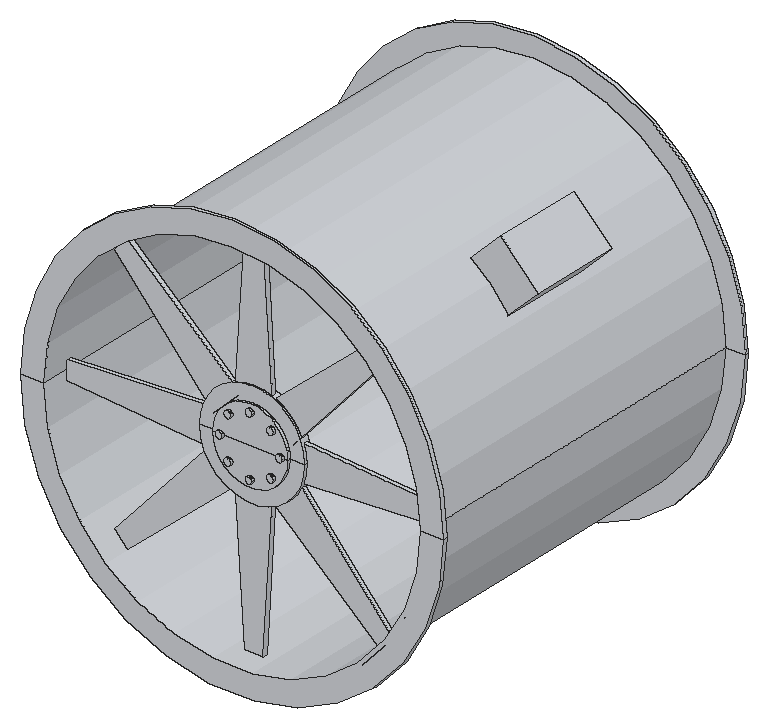
Revit family "CADS_Vent-Axia_MechEquip_Fan_LCA_560_3Ph2P - SUPPLY", category Mechanical Equipment, Revit 2020
Family settings
  Round Connector Dimension = Use Diameter
  Part Type = Normal
  OmniClass Number = 23.75.00.00
  OmniClass Title = Climate Control (HVAC)
  Work Plane-Based = No
  Always vertical = Yes
  Cut with Voids When Loaded = No
  Shared = No
  Room Calculation Point = No
Parameters (values of type "LCA563210")
  nr = NominalDiameter / 2  # 280 mm
  WorkingPressure = 0.0 Pa
  WarrantyStartDate [instance] = "1900-12-31T23:59:59"
  WarrantyPeriod = ""
  WarrantyIdentifier = "N/A"
  WarrantyGuarantorParts = "tech@vent-axia.com"
  WarrantyGuarantorLabor = "tech@vent-axia.com"
  WarrantyGuarantor = "Vent-Axia Limited"
  WarrantyEndDate [instance] = "1900-12-31T23:59:59"
  WarrantyContent = ""
  TemperatureRange = ""
  TagNumber [instance] = "N/A"
  SustainabilityPerformance = ""
  Status = "New"
  Size = ""
  Shape = ""
  ServiceLifeType = ""
  ServiceLifeDuration = ""
  SerialNumber [instance] = "N/A"
  ReplacementCost = ""
  RatedVoltage = 0 V
  RatedCurrent = 0 A
  Quantity = 1
  ProductionYear = ""
  PressureCurve = ""
  PowerFactor = ""
  PointOfContact = ""
  NumberOfPoles = 0
  NominalWidth = 560 mm
  NominalLength = 565 mm
  NominalHeight = 560 mm
  NominalFrequencyRange = ""
  NominalDiameter = 560 mm
  ModelReference = "LCAX 560mm 3PH 2P 10DEG"
  ModelNumber = "LCA563210"
  Material = ""
  ManufacturerE-Mail = "tech@vent-axia.com"
  ManufacturerAddress = "Fleming Way\nCrawley \nRH10 9YX"
  IsExtendedWarranty = no
  InsulationStandardClass = ""
  InstallationDate [instance] = "1900-12-31T23:59:59"
  IfcExportType [instance] = ""
  IfcExportAs = "IfcFanType"
  IP_Code = ""
  HasProtectiveEarth = no
  GrossWeight = 0.00 kg
  Grade = ""
  GlobalTradeItemNumber [instance] = "N/A"
  Fitting Type = "Ignore"
  Finish = ""
  Features = ""
  ExteriorInsulation = no
  ExpectedServiceLife = 0
  Exclusions = ""
  DurationUnit = "Year"
  Default Elevation = 0 mm
  Constituents = ""
  ConductorFunction = ""
  Color = ""
  CodePerformance = ""
  Category = ""
  CADS_Usage = 0
  CADS_Index = 0
  AssetType = "FIXED"
  AssetIdentifier [instance] = "N/A"
  AssemblyPlace = "UNKNOWN"
  ArticleNumber [instance] = "N/A"
  AirflowRateRange = 0.0 L/s
  Air Flow [instance] = 0.0 L/s
  AccessibilityPerformance = ""
Types (8, lengths in mm): name | ModelReference | ModelNumber
  LCA563210 | "LCAX 560mm 3PH 2P 10DEG" | "LCA563210"
  LCA563212 | "LCAX 560mm 3PH 2P 12DEG" | "LCA563212"
  LCA563214 | "LCAX 560mm 3PH 2P 14DEG" | "LCA563214"
  LCA563216 | "LCAX 560mm 3PH 2P 16DEG" | "LCA563216"
  LCA563218 | "LCAX 560mm 3PH 2P 18DEG" | "LCA563218"
  LCA563220 | "LCAX 560mm 3PH 2P 20DEG" | "LCA563220"
  LCA563222 | "LCAX 560mm 3PH 2P 22DEG" | "LCA563222"
  LCA563224 | "LCAX 560mm 3PH 2P 24DEG" | "LCA563224"
Reference planes
  plane 1 "Center (Front/Back)": y = 0
  plane 2: z = 0
  plane 3 "Center (Left/Right)": x = 0
  plane 4: x = -280
  plane 5: x = 280
  plane 6 "F": y = -282.5
  plane 7 "B": y = 282.5
  plane 8: x = -315
  plane 9: y = 277.5
  plane 10: y = -277.5
  plane 11: x = -285
  plane 12: y = -242.5
  plane 13 "top": z = 280
  plane 14: z = -280
  plane 15 "45deg": through (0, -1524, 0) normal (-0.7071, 0, -0.7071)
  plane 16 "C": through (0, -1524, 0) normal (-0.7071, 0, 0.7071)
Forms (mm)
  Revolve 1, solid
    sketch origin (0, 0, 0) x (1, 0, 0) y (0, 1, 0)
      loop
        line (-315, -282.5) -> (-280, -282.5) -> (-280, 282.5) -> (-315, 282.5) -> (-315, 277.5) -> (-285, 277.5) -> (-285, -277.5) -> (-315, -277.5) -> (-315, -282.5)
      axis (0, 282.5) -> (0, -282.5)
    angle from 0 to 360
  Sweep 2, solid
    path origin (0, 0, 0) x (1, 0, 0) y (0, 0, 1)
      loop
        line (197.99, 197.99) -> (243.952, 243.952)
    profile origin (220.971, 0, 220.971) x (-0.707107, 0, 0.707107) y (0, -1, 0)
      loop
        line (37.5, 55) -> (-42.73, 55) -> (-42.73, -79.5) -> (37.5, -79.5) -> (37.5, 55)
Dimensions and locks
  equal spacing: plane 4, plane 3 "Center (Left/Right)", plane 5
  equal spacing: plane 7 "B", plane 1 "Center (Front/Back)", plane 6 "F"
  "NominalLength": plane 7 "B" to plane 6 "F"
  "NominalDiameter": plane 4 to plane 5
  locked: plane 11 to plane 4 at 5
  locked: plane 8 to plane 11 at 30
  locked: plane 6 "F" to plane 10 at 5
  locked: plane 7 "B" to plane 9 at 5
  locked: plane 6 "F" to plane 12 at 40
  equal spacing: plane 13 "top", level, plane 14
  "NominalDiameter": plane 13 "top" to plane 14
  "nr": Sweep 2 sketch curve to nested 13
  Sweep 2 sketch curve to Sweep 2 sketch curve = 65 mm
  aligned and locked: level to plane 2
  aligned and locked: nested 1 to plane 12
Automatic sketch dimensions
  plane 6 "F" to Revolve 1 sketch curve = 0 mm
  Revolve 1 sketch curve to plane 8 = 0 mm  (x2)
  plane 10 to Revolve 1 sketch curve = 0 mm
  Revolve 1 sketch curve to plane 11 = 0 mm
  Revolve 1 sketch curve to plane 4 = 0 mm
  Revolve 1 sketch curve to plane 3 "Center (Left/Right)" = 0 mm
  plane 1 "Center (Front/Back)" to Revolve 1 sketch curve = 0 mm
  Revolve 1 sketch curve to plane 9 = 0 mm
  Revolve 1 sketch curve to plane 7 "B" = 0 mm
  plane 6 "F" to Revolve 1 sketch curve = 115 mm
  plane 1 "Center (Front/Back)" to Sweep 2 sketch curve = 55 mm
  Sweep 2 sketch curve to profile plane = 37.5 mm
  Sweep 2 sketch curve to Sweep 2 sketch curve = 80.23 mm
  Sweep 2 sketch curve to Sweep 2 sketch curve = 134.5 mm
  Sweep 2 sketch curve to plane 16 "C" = 0 mm  (x2)
Nested families
  nested 1: "Fan for ESC" at (0, -242.5, 0), ND <- "NominalDiameter", type "Fan for ESC"
    with hub 56 mm, ND 560 mm, BoltPCD 44.8 mm, Bolt Count 8, B_Diam 10 mm
  nested 2: "Bolts" at (0, -251.672, -44.8) x (-1, 0, 0) z (0, 1, 0), type "Bolts"
    with bd 10 mm
  nested 3: "Bolts" at (-31.678, -251.672, -31.678) x (-0.7071, 0, 0.7071) z (0, 1, 0), type "Bolts"
    with bd 10 mm
  nested 4: "Bolts" at (-44.8, -251.672, 0) x (0, 0, 1) z (0, 1, 0), type "Bolts"
    with bd 10 mm
  nested 5: "Bolts" at (-31.678, -251.672, 31.678) x (0.7071, 0, 0.7071) z (0, 1, 0), type "Bolts"
    with bd 10 mm
  nested 6: "Bolts" at (31.678, -251.672, 31.678) x (0.7071, 0, -0.7071) z (0, 1, 0), type "Bolts"
    with bd 10 mm
  nested 7: "Bolts" at (0, -251.672, 44.8) x (1, 0, 0) z (0, 1, 0), type "Bolts"
    with bd 10 mm
  nested 8: "ESC Blade" at (0, -242.5, 0), type "ESC Blade"
    with a 20.00°, HR 56 mm, HD 112 mm, BT 28 mm, BR 224 mm, BH 40 mm, BD 560 mm, BB 56 mm
  nested 9: "ESC Blade" at (0, -242.5, 0) x (0.7071, 0, -0.7071) z (0.7071, 0, 0.7071), type "ESC Blade"
    with a 20.00°, HR 56 mm, HD 112 mm, BT 28 mm, BR 224 mm, BH 40 mm, BD 560 mm, BB 56 mm
  nested 10: "ESC Blade" at (0, -242.5, 0) x (0, 0, -1) z (1, 0, 0), type "ESC Blade"
    with a 20.00°, HR 56 mm, HD 112 mm, BT 28 mm, BR 224 mm, BH 40 mm, BD 560 mm, BB 56 mm
  nested 11: "ESC Blade" at (0, -242.5, 0) x (-0.7071, 0, -0.7071) z (0.7071, 0, -0.7071), type "ESC Blade"
    with a 20.00°, HR 56 mm, HD 112 mm, BT 28 mm, BR 224 mm, BH 40 mm, BD 560 mm, BB 56 mm
  nested 12: "ESC Blade" at (0, -242.5, 0) x (-1, 0, 0) z (0, 0, -1), type "ESC Blade"
    with a 20.00°, HR 56 mm, HD 112 mm, BT 28 mm, BR 224 mm, BH 40 mm, BD 560 mm, BB 56 mm
  nested 13: "ESC Blade" at (0, -242.5, 0) x (-0.7071, 0, -0.7071) z (-0.7071, 0, 0.7071), type "ESC Blade"
    with a 20.00°, HR 56 mm, HD 112 mm, BT 28 mm, BR 224 mm, BH 40 mm, BD 560 mm, BB 56 mm
  nested 14: "ESC Blade" at (0, -242.5, 0) x (0, 0, -1) z (-1, 0, 0), type "ESC Blade"
    with a 20.00°, HR 56 mm, HD 112 mm, BT 28 mm, BR 224 mm, BH 40 mm, BD 560 mm, BB 56 mm
  nested 15: "ESC Blade" at (0, -242.5, 0) x (0.7071, 0, -0.7071) z (-0.7071, 0, -0.7071), type "ESC Blade"
    with a 20.00°, HR 56 mm, HD 112 mm, BT 28 mm, BR 224 mm, BH 40 mm, BD 560 mm, BB 56 mm
  nested 16: "Bolts" at (44.8, -251.672, 0) x (0, 0, -1) z (0, 1, 0), type "Bolts"
    with bd 10 mm
  nested 17: "Bolts" at (31.678, -251.672, -31.678) x (-0.7071, 0, -0.7071) z (0, 1, 0), type "Bolts"
    with bd 10 mm
Connectors
  hvac at (0, -282.5, 0), driven by "NominalDiameter", driven by "Air Flow"
    settings: on Revolve 1, index 1, duct flow 0.0 L/s, flow factor 0, pres drop 0.0 Pa, loss coef 0, conn angle 0.00°, conn width 304.8 mm, conn height 304.8 mm, conn diameter 560 mm, duct sys type 1, conn prof type 0, flow config 1, flow direction 1, loss method 0, conn ref index -1, conn util no, is conn primary yes, conn desc ""
  hvac at (0, 282.5, 0), driven by "NominalDiameter", driven by "Air Flow"
    settings: on Revolve 1, index 2, duct flow 0.0 L/s, flow factor 0, pres drop 0.0 Pa, loss coef 0, conn angle 0.00°, conn width 304.8 mm, conn height 304.8 mm, conn diameter 560 mm, duct sys type 1, conn prof type 0, flow config 0, flow direction 2, loss method 0, conn ref index -1, conn util no, is conn primary no, conn desc ""
Definition of nested family "Fan for ESC"
  Parameters (values of type "Fan for ESC")
    hub [instance] = ND / 10  # 56.7 mm
    ND [instance] = 567 mm
    Model = "."
    Default Elevation = 0 mm
    BoltPCD [instance] = hub - (hub * 0.2)  # 45.36 mm
    Bolt Count [instance] = if(hub < 50 mm, 6, 8)  # 8
    B_Diam [instance] = if(hub < 50 mm, 5 mm, 10 mm)  # 10 mm
  Reference planes
    plane 1 "Center (Front/Back)": y = 0
    plane 2: z = 0
    plane 3 "Center (Left/Right)": x = 0
    plane 4 "back": y = 20
    plane 5 "bolts": y = -9.172
    plane 6 "B": z = 56.7
    plane 7: x = -79.287
    plane 8: x = -56.7
    plane 9 "hubface": y = -6.172
  Forms (mm)
    Revolve 1, solid
      sketch origin (0, 0, 0) x (1, 0, 0) y (0, 1, 0)
        loop
          line (0, 20) -> (-56.7, 20) -> (-56.7, 10.504) -> (-79.287, 10.504) -> (-79.287, -2.597) -> (-56.7, -2.597) -> (-56.7, -6.172) -> (0, -6.172) -> (0, 20)
        axis (0, 20) -> (0, -6.172)
      angle from 0 to 360
    Extrusion 2, solid, not visible
      sketch origin (0, -6.347, -4) x (-1, 0, 0) y (0, 0, 1)
        loop
          circle (0, 84) r 5
      from 0 to 3
  Lines and regions (mm)
    symbolic lines
      curve 1: circle (0, -9.172, 0) r 45.36 normal (0, 1, 0)
    model lines, not visible
      curve 2: line (0, -6.347, 85) -> (0, -6.347, 75)
  Dimensions and locks
    "hub": plane 6 "B" to plane 2
    "hub": nested 3 to plane 3 "Center (Left/Right)"
    "hub": nested 4 to plane 3 "Center (Left/Right)"
    "hub": nested 5 to plane 3 "Center (Left/Right)"
    "hub": plane 3 "Center (Left/Right)" to nested 6
    "hub": Revolve 1 sketch curve to Revolve 1 sketch curve
    "hub": plane 3 "Center (Left/Right)" to nested 7
    "hub": plane 3 "Center (Left/Right)" to nested 8
    "hub": plane 3 "Center (Left/Right)" to nested 9
    "hub": plane 8 to plane 3 "Center (Left/Right)"
    plane 7 to plane 8 = 22.587 mm
    diameter of Extrusion 2 sketch curve = 10 mm
    "BoltPCD": radius of curve 1
    "BoltPCD": radius of radial array
    aligned and locked: level to plane 2
    aligned and locked: plane 6 "B" to nested 1
  Automatic sketch dimensions
    Revolve 1 sketch curve to plane 7 = 0 mm
    Revolve 1 sketch curve to plane 8 = 0 mm  (x2)
    Revolve 1 sketch curve to plane 3 "Center (Left/Right)" = 0 mm
    Revolve 1 sketch curve to plane 9 "hubface" = 0 mm
    plane 4 "back" to Revolve 1 sketch curve = 0 mm
    plane 1 "Center (Front/Back)" to Revolve 1 sketch curve = 2.597 mm
    plane 4 "back" to Revolve 1 sketch curve = 9.496 mm
    Revolve 1 sketch curve to Revolve 1 sketch curve = 5 mm
    Revolve 1 sketch curve to plane 4 "back" = 45 mm
    curve 1 to level = 0 mm
    curve 1 to plane 3 "Center (Left/Right)" = 0 mm
  Nested families
    nested 1: "ESC Blade" at (0, 0, 0), BD <- "ND", HD <- "hub", type "ESC Blade"
      with a 20.00°, HR 56.7 mm, HD 113.4 mm, BT 28.35 mm, BR 226.8 mm, BH 40 mm, BD 567 mm, BB 56.7 mm
    nested 2: "ESC Blade" at (0, 0, 755), BD <- "ND", HD <- "hub", type "ESC Blade", not visible
      with a 20.00°, HR 56.7 mm, HD 113.4 mm, BT 28.35 mm, BR 226.8 mm, BH 40 mm, BD 567 mm, BB 56.7 mm
    nested 3: "ESC Blade" at (0, 0, 0) x (0.7071, 0, -0.7071) z (0.7071, 0, 0.7071), BD <- "ND", HD <- "hub", type "ESC Blade"
      with a 20.00°, HR 56.7 mm, HD 113.4 mm, BT 28.35 mm, BR 226.8 mm, BH 40 mm, BD 567 mm, BB 56.7 mm
    nested 4: "ESC Blade" at (0, 0, 0) x (0, 0, -1) z (1, 0, 0), BD <- "ND", HD <- "hub", type "ESC Blade"
      with a 20.00°, HR 56.7 mm, HD 113.4 mm, BT 28.35 mm, BR 226.8 mm, BH 40 mm, BD 567 mm, BB 56.7 mm
    nested 5: "ESC Blade" at (0, 0, 0) x (-0.7071, 0, -0.7071) z (0.7071, 0, -0.7071), BD <- "ND", HD <- "hub", type "ESC Blade"
      with a 20.00°, HR 56.7 mm, HD 113.4 mm, BT 28.35 mm, BR 226.8 mm, BH 40 mm, BD 567 mm, BB 56.7 mm
    nested 6: "ESC Blade" at (0, 0, 0) x (-1, 0, 0) z (0, 0, -1), BD <- "ND", HD <- "hub", type "ESC Blade"
      with a 20.00°, HR 56.7 mm, HD 113.4 mm, BT 28.35 mm, BR 226.8 mm, BH 40 mm, BD 567 mm, BB 56.7 mm
    nested 7: "ESC Blade" at (0, 0, 0) x (-0.7071, 0, -0.7071) z (-0.7071, 0, 0.7071), BD <- "ND", HD <- "hub", type "ESC Blade"
      with a 20.00°, HR 56.7 mm, HD 113.4 mm, BT 28.35 mm, BR 226.8 mm, BH 40 mm, BD 567 mm, BB 56.7 mm
    nested 8: "ESC Blade" at (0, 0, 0) x (0, 0, -1) z (-1, 0, 0), BD <- "ND", HD <- "hub", type "ESC Blade"
      with a 20.00°, HR 56.7 mm, HD 113.4 mm, BT 28.35 mm, BR 226.8 mm, BH 40 mm, BD 567 mm, BB 56.7 mm
    nested 9: "ESC Blade" at (0, 0, 0) x (0.7071, 0, -0.7071) z (-0.7071, 0, -0.7071), BD <- "ND", HD <- "hub", type "ESC Blade"
      with a 20.00°, HR 56.7 mm, HD 113.4 mm, BT 28.35 mm, BR 226.8 mm, BH 40 mm, BD 567 mm, BB 56.7 mm
    nested 10: "Bolts" at (0, -9.172, 45.36) x (1, 0, 0) z (0, 1, 0), bd <- "B_Diam", type "Bolts"
      with bd 10 mm
    nested 11: "Bolts" at (32.074, -9.172, 32.074) x (0.7071, 0, -0.7071) z (0, 1, 0), bd <- "B_Diam", type "Bolts"
      with bd 10 mm
    nested 12: "Bolts" at (-32.074, -9.172, 32.074) x (0.7071, 0, 0.7071) z (0, 1, 0), bd <- "B_Diam", type "Bolts"
      with bd 10 mm
    nested 13: "Bolts" at (-45.36, -9.172, 0) x (0, 0, 1) z (0, 1, 0), bd <- "B_Diam", type "Bolts"
      with bd 10 mm
    nested 14: "Bolts" at (-32.074, -9.172, -32.074) x (-0.7071, 0, 0.7071) z (0, 1, 0), bd <- "B_Diam", type "Bolts"
      with bd 10 mm
    nested 15: "Bolts" at (0, -9.172, -45.36) x (-1, 0, 0) z (0, 1, 0), bd <- "B_Diam", type "Bolts"
      with bd 10 mm
    nested 16: "Bolts" at (32.074, -9.172, -32.074) x (-0.7071, 0, -0.7071) z (0, 1, 0), bd <- "B_Diam", type "Bolts"
      with bd 10 mm
    nested 17: "Bolts" at (45.36, -9.172, 0) x (0, 0, -1) z (0, 1, 0), bd <- "B_Diam", type "Bolts"
      with bd 10 mm
  Definition of nested family "ESC Blade"
    Parameters (values of type "ESC Blade")
      a [instance] = 20.00°
      HR [instance] = HD / 2  # 30 mm
      HD [instance] = BD / 5  # 60 mm
      Default Elevation = 1219.2 mm
      BT [instance] = BD / 20  # 15 mm
      BR [instance] = (BD / 2) - HR  # 120 mm
      BH [instance] = 40 mm
      BD [instance] = 300 mm
      BB [instance] = BD / 10  # 30 mm
    Reference planes
      plane 1 "Center (Front/Back)": y = 0
      plane 2: z = 0
      plane 3 "Center (Left/Right)": x = 0
      plane 4 "Blade Bot": z = 30
      plane 5: x = -15
      plane 6: x = 15
      plane 7: x = -7.5
      plane 8: x = 7.5
    Forms (mm)
      Blend 1, solid
        base sketch origin (0, 0, 30) x (-1, 0, 0) y (0, -1, 0)
          loop
            line (15, 0) -> (-15, 0) -> (-15, -6) -> (15, -6) -> (15, 0)
        top sketch origin (0, 0, 30) x (-1, 0, 0) y (0, -1, 0)
          loop
            line (7.5, -6) -> (7.5, 0) -> (-7.5, 0) -> (-7.5, -6) -> (7.5, -6)
        from 0 to 120 <- "BR"
    Dimensions and locks
      "HR": plane 4 "Blade Bot" to level
      equal spacing: plane 8, plane 3 "Center (Left/Right)", plane 7
      "BT": plane 8 to plane 7
      equal spacing: plane 6, plane 3 "Center (Left/Right)", plane 5
      "BB": plane 6 to plane 5
      aligned and locked: level to plane 2
    Automatic sketch dimensions
      plane 1 "Center (Front/Back)" to Blend 1 sketch curve = 0 mm  (x2)
      Blend 1 sketch curve to plane 6 = 0 mm
      Blend 1 sketch curve to plane 5 = 0 mm
      Blend 1 sketch curve to plane 1 "Center (Front/Back)" = 6 mm  (x2)
      Blend 1 sketch curve to plane 8 = 0 mm
      Blend 1 sketch curve to plane 7 = 0 mm
  Definition of nested family "Bolts"
    Parameters
      bd [instance] = 10 mm
      Default Elevation = 1219.2 mm
    Reference planes
      plane 1 "Center (Front/Back)": y = 0
      plane 2: z = 0
      plane 3 "Center (Left/Right)": x = 0
    Forms (mm)
      Extrusion 1, solid
        sketch origin (0, 0, 0) x (1, 0, 0) y (0, 1, 0)
          loop
            line (-1219.2, 1219.2) -> (-1219.2, -1219.2) -> (1219.2, -1219.2) -> (1219.2, 1219.2) -> (-1219.2, 1219.2)
        from 0 to -304.8
      Extrusion 2, solid
        sketch origin (0, 0, 0) x (1, 0, 0) y (0, 1, 0)
          loop
            circle (0, 0) r 5
        from 0 to 3
    Dimensions and locks
      "bd": diameter of Extrusion 2 sketch curve
      aligned and locked: plane 2 to Extrusion 1
      aligned and locked: level to Extrusion 1
    Automatic sketch dimensions
      Extrusion 1 sketch curve to Extrusion 1 sketch curve = 2438.4 mm  (x2)
      plane 1 "Center (Front/Back)" to Extrusion 2 sketch curve = 0 mm
      Extrusion 2 sketch curve to plane 3 "Center (Left/Right)" = 0 mm
Definition of nested family "Bolts"
  Parameters
    bd [instance] = 10 mm
    Default Elevation = 1219.2 mm
  Reference planes
    plane 1 "Center (Front/Back)": y = 0
    plane 2: z = 0
    plane 3 "Center (Left/Right)": x = 0
  Forms (mm)
    Extrusion 1, solid
      sketch origin (0, 0, 0) x (1, 0, 0) y (0, 1, 0)
        loop
          line (-1219.2, 1219.2) -> (-1219.2, -1219.2) -> (1219.2, -1219.2) -> (1219.2, 1219.2) -> (-1219.2, 1219.2)
      from 0 to -304.8
    Extrusion 2, solid
      sketch origin (0, 0, 0) x (1, 0, 0) y (0, 1, 0)
        loop
          circle (0, 0) r 5
      from 0 to 3
  Dimensions and locks
    "bd": diameter of Extrusion 2 sketch curve
    aligned and locked: plane 2 to Extrusion 1
    aligned and locked: level to Extrusion 1
  Automatic sketch dimensions
    Extrusion 1 sketch curve to Extrusion 1 sketch curve = 2438.4 mm  (x2)
    plane 1 "Center (Front/Back)" to Extrusion 2 sketch curve = 0 mm
    Extrusion 2 sketch curve to plane 3 "Center (Left/Right)" = 0 mm
Definition of nested family "ESC Blade"
  Parameters (values of type "ESC Blade")
    a [instance] = 20.00°
    HR [instance] = HD / 2  # 30 mm
    HD [instance] = BD / 5  # 60 mm
    Default Elevation = 1219.2 mm
    BT [instance] = BD / 20  # 15 mm
    BR [instance] = (BD / 2) - HR  # 120 mm
    BH [instance] = 40 mm
    BD [instance] = 300 mm
    BB [instance] = BD / 10  # 30 mm
  Reference planes
    plane 1 "Center (Front/Back)": y = 0
    plane 2: z = 0
    plane 3 "Center (Left/Right)": x = 0
    plane 4 "Blade Bot": z = 30
    plane 5: x = -15
    plane 6: x = 15
    plane 7: x = -7.5
    plane 8: x = 7.5
  Forms (mm)
    Blend 1, solid
      base sketch origin (0, 0, 30) x (-1, 0, 0) y (0, -1, 0)
        loop
          line (15, 0) -> (-15, 0) -> (-15, -6) -> (15, -6) -> (15, 0)
      top sketch origin (0, 0, 30) x (-1, 0, 0) y (0, -1, 0)
        loop
          line (7.5, -6) -> (7.5, 0) -> (-7.5, 0) -> (-7.5, -6) -> (7.5, -6)
      from 0 to 120 <- "BR"
  Dimensions and locks
    "HR": plane 4 "Blade Bot" to level
    equal spacing: plane 8, plane 3 "Center (Left/Right)", plane 7
    "BT": plane 8 to plane 7
    equal spacing: plane 6, plane 3 "Center (Left/Right)", plane 5
    "BB": plane 6 to plane 5
    aligned and locked: level to plane 2
  Automatic sketch dimensions
    plane 1 "Center (Front/Back)" to Blend 1 sketch curve = 0 mm  (x2)
    Blend 1 sketch curve to plane 6 = 0 mm
    Blend 1 sketch curve to plane 5 = 0 mm
    Blend 1 sketch curve to plane 1 "Center (Front/Back)" = 6 mm  (x2)
    Blend 1 sketch curve to plane 8 = 0 mm
    Blend 1 sketch curve to plane 7 = 0 mm
